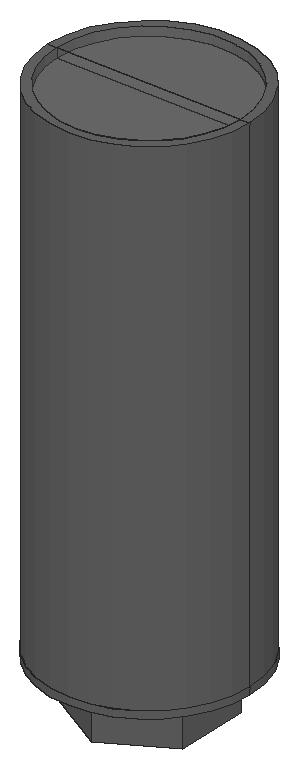
Revit family "LTC-4RDW-S", category Lighting Fixtures, host Face, Revit 2017
Family settings
  Host = Face
  Round Connector Dimension = Use Diameter
  Part Type = Normal
  OmniClass Number = 23.80.70.11.14.11
  OmniClass Title = Downlights
  Cut with Voids When Loaded = No
  Light Source = Yes
  Shared = Yes
  Room Calculation Point = No
Parameters (values of type "LTC-4RDW-S")
  Wattage Comments = ""
  Wattage = 25 W
  built-in parameter 1150110 = 1 (stored number, unit not read)
  Voltage = if(Is 120V, 120 V, 277 V)  # 120 V
  URL = "https://www.hubbell.com/prescolite/en"
  built-in parameter 1114217 = 1 (stored number, unit not read)
  Tilt Angle = -90.00°
  built-in parameter 1150109 = 1 (stored number, unit not read)
  built-in parameter 1150134 = (empty or 0)
  built-in parameter 1150113 = 1 (stored number, unit not read)
  S = yes
  Reflector Finish = Paint - Hubbell - Carbon Black
  Product Page URL = "https://www.hubbell.com/prescolite/en/Products/Lighting-Controls/Commercial-Indoor-Lighting/Cylinders/LITEISTRY-4-Round-Cylinder-wSpectraSync/p/3775859"
  Product Material = Paint - Hubbell - Carbon Black
  Product Documentation Link = "https://hubbellcdn.com/specsheet/LTC-4RDW%20SpectraSync.pdf"
  Photometric Web Link = "https://www.hubbell.com/prescolite/en/Products/Lighting-Controls/Commercial-Indoor-Lighting/Cylinders/LITEISTRY-4-Round-Cylinder-wSpectraSync/p/3775859"
  Photometric Web File = "LTC-4RD-P-20L35K8MD-DM1-S-BL.ies"
  Photometric Notes = "More IES files download on Photometric Web Link"  # constant formula
  Model = "LTC-4RDW"  # constant formula
  Manufacturer = "Prescolite"  # constant formula
  built-in parameter 1150105 = 175.07 (stored number, unit not read)
  Lumens = 2200 lm
  built-in parameter 1150115 = 1 (stored number, unit not read)
  Load Classification = Lighting
  built-in parameter 1150137 = (empty or 0)
  built-in parameter 1150139 = (empty or 0)
  built-in parameter 1150112 = 1 (stored number, unit not read)
  built-in parameter 1150114 = 1 (stored number, unit not read)
  Lamp = " LED's"  # constant formula
  Is 277V = not(Is 120V)  # no
  Is 120V = yes
  built-in parameter 1150132 = (empty or 0)
  built-in parameter 1150102 = (empty or 0)
  built-in parameter 1150107 = 3000 (stored number, unit not read)
  built-in parameter 1150138 = (empty or 0)
  built-in parameter 1150106 = 1.7507 (stored number, unit not read)
  Glass = Hubbell - White Glass
  Frequency = 60 Hz  # constant formula
  Features = "• 4inch architectural LED downlight and wall wash cylinder delivering 600–1500 lm \r\n• 4 beam distributions from 0.4 to 1.2 Spacing Criteria \r\n• Quiet reflector appearance with 50º optical cutoff\r\n • SpectraSync™ Color Tuning technology allows the flexibility to tailor CCT to aesthetic preferences • Available in Dim To Warm (2200K-3000K) or Tunable White (2700K-5000K or 2700K-6500K), 90+ CRI \r\n• Available in Surface, Wall, Pendant, or Cable/Cord Mount configurations\r\n• Versatile canopy options for recessed and surface-mounted J-box applications \r\n• Standard with 0-10V dimming to 5%\r\n"  # constant formula
  Emit from Circle Diameter = 5.60156"  # constant formula
  Emit Shape Visible in Rendering = yes
  built-in parameter 1150104 = 8.1755 (stored number, unit not read)
  Dimming Lamp Color Temperature Shift = <None>
  Description = "Liteistry 4 inch Round cylinder with color tuning"  # constant formula
  Default Elevation = 48.00"
  Contact Us = "https://www.hubbell.com/prescolite/en/contactUs"
  Connector Description = "Lighting Connector"  # constant formula
  Color Filter = 16777215
  Ceiling Thickness [instance] = 1.25"
  Cutout Radius = 3.125"
  Ceiling Cutout = Cutout Radius * 2  # 6.25"
  Canopy Diameter = 5.60"
  Canopy Depth = 0.20"
  built-in parameter 1114218 = 1 (stored number, unit not read)
  built-in parameter 1150133 = 10 (stored number, unit not read)
  Apparent Load = 52 VA
Types (3): name | S | Canopy Diameter | Canopy Depth
  (no name) | yes | 5.60" | 0.20"
  LTC-4RDW-SCC | no | 5.75" | 3.00"
  LTC-4RDW-S | yes | 5.60" | 0.20"
Reference planes (in)
  plane 1 "Center (Front/Back)": y = 0
  plane 2: z = 0
  plane 3 "Center (Left/Right)": x = 0
  plane 4: x = 3
  plane 5: x = -3
  plane 6: y = 3
  plane 7: y = -3
  plane 8: x = 2.795
  plane 9: x = -2
  plane 10: y = 2
  plane 11: y = -2
  plane 12: z = 14
  plane 13: z = -6
  plane 14: z = 0.2
  plane 15: x = -2.8
  plane 16: x = 2.8
  plane 17: z = 14.2
Forms (in)
  Extrusion 1, void
    sketch origin (0, 0, 0) x (1, 0, 0) y (0, 1, 0)
      loop
        circle (0, 0) r 3.125
    from -1.25 to 0
  Revolve 2, solid, material "Paint - Hubbell - Carbon Black" <- "Product Material"
    sketch origin (0, 0, 0.875) x (1, 0, 0) y (0, 0, 1)
      loop
        line (2.545, 13.325) -> (2.545, 13.075) -> (0, 13.075) -> (0, -0.675) -> (2.795, -0.675) -> (2.795, 13.325) -> (2.545, 13.325)
      axis (0, 13.325) -> (0, -0.675)
    angle from 0 to 360
  Revolve 3, solid, material "Hubbell - White Glass" <- "Glass"
    sketch origin (0, 0, 0) x (1, 0, 0) y (0, 0, 1)
      loop
        line (0, 14.2) -> (0, 13.95) -> (2.545, 13.95) -> (2.545, 14.2) -> (0, 14.2)
      axis (0, 14.2) -> (0, 13.95)
    angle from 0 to 360
  Revolve 4, solid, material "Paint - Hubbell - Carbon Black" <- "Product Material"
    sketch origin (0, 0, 0) x (1, 0, 0) y (0, 0, 1)
      loop
        line (0, 0) -> (2.8, 0) -> (2.8, 0.2) -> (0, 0.2) -> (0, 0)
      axis (0, 0.2) -> (0, 0)
    angle from 0 to 360
  Extrusion 5, solid, material "Paint - Hubbell - Carbon Black" <- "Product Material", visible <- "S"
    sketch origin (0, 0, 0) x (1, 0, 0) y (0, 1, 0)
      loop
        line (0, 2) -> (-1.73205, 1) -> (-1.73205, -1) -> (0, -2) -> (1.73205, -1) -> (1.73205, 1) -> (0, 2)
    from 0 to -1.25725
Dimensions and locks (in)
  plane 2 to plane 13 = 6.00"
  equal spacing: plane 16, plane 3 "Center (Left/Right)", plane 15
  "Canopy Diameter": plane 16 to plane 15
  "Canopy Depth": plane 14 to plane 2
  locked: plane 17 to plane 14 at 14
  Revolve 2 sketch curve to Revolve 2 sketch curve to Revolve 2 sketch curve = 0.25" locked, 13.75" locked
  "Cutout Radius": radius of Extrusion 1 sketch curve
  aligned and locked: plane 2 to host face
  aligned and locked: level to host face
  aligned and locked: level to Extrusion 1
  aligned and locked: plane 1 "Center (Front/Back)" to Extrusion 1 sketch curve
  aligned and locked: plane 3 "Center (Left/Right)" to Extrusion 1 sketch curve
  aligned and locked: plane 3 "Center (Left/Right)" to imposter light
  aligned and locked: plane 17 to Revolve 2 sketch curve
  aligned and locked: Revolve 3 to plane 17
  aligned and locked: Revolve 3 to Revolve 2
  aligned and locked: plane 16 to Revolve 4 sketch curve
  aligned and locked: Revolve 4 sketch curve to Revolve 4 sketch curve
  aligned and locked: Revolve 4 sketch curve to plane 14
  aligned and locked: Revolve 4 sketch curve to plane 2
  aligned and locked: imposter light to plane 17
Automatic sketch dimensions
  host sketch curve to host sketch curve = 96.00"  (x2)
  Revolve 3 sketch curve to plane 3 "Center (Left/Right)" = 0.00"  (x2)
  Revolve 3 sketch curve to plane 8 = 0.25"
  Revolve 3 sketch curve to plane 12 = 0.20"
  plane 12 to Revolve 3 sketch curve = 0.05"
  plane 13 to Revolve 3 sketch curve = 7.73828"
  Revolve 3 sketch curve to Revolve 3 sketch curve = 7.00"
  Revolve 2 sketch curve to plane 3 "Center (Left/Right)" = 0.00"  (x2)
  Revolve 2 sketch curve to plane 8 = 0.00"
  Revolve 2 sketch curve to plane 8 = 0.25"
  plane 13 to Revolve 2 sketch curve = 17.125"
  Revolve 2 sketch curve to Revolve 2 sketch curve = 18.25745"
  Revolve 4 sketch curve to plane 3 "Center (Left/Right)" = 0.00"
  plane 13 to Revolve 4 sketch curve = 18.00"
  Revolve 4 sketch curve to plane 17 = 10.64417"
Connectors (in)
  electrical at (0, 0, 0), driven by "Connector Description", driven by "Voltage", driven by "Apparent Load", driven by "Load Classification"
    settings: on host face, index 1, voltage 120 V, apparent load 52 VA, apparent load phase1 0 VA, apparent load phase2 0 VA, apparent load phase3 0 VA, power factor 0.9, load classification "Lighting", number of poles 1, system type 30, power factor state 1, is connector primary yes, connector utility no, sub classification motor no, connector description "Lighting Connector"
